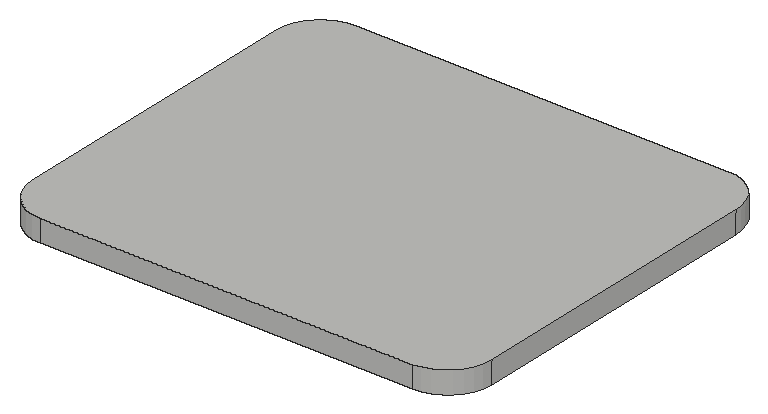
Revit family "Storage-Beam_Mounted-JNBSH_Suspended_Shelf-Teknion-R2015", category Furniture Systems, Revit 2015
Parameters (values of type "18" Depth")
  Width [instance] = 24.000"
  Warranty = "http://www.teknion.com/ca/papers/legal-canada"
  Unit Weight URL = "http://www.teknion.com/ca/tools/assets#&asset=bee6a381-b954-425e-8283-5a2de3a804f2,f828d448-4b62-4231-9e5f-9a8991c0ed77"
  URL = "www.teknion.com"
  Thickness = 1.000"  # constant formula
  Sustainability Data = "http://www.teknion.com/ca/tools/assets#&topic=216f99a5-57a0-44fc-b10a-9dee9b29ae4c&asset=444deb64-fe58-4b68-981e-f75e97781df7"
  Shelf Finish [instance] = Source Laminate - Teknion - RV - Very White
  Shared Leg Style [instance] = no
  Series = "Expansion CItyline"  # constant formula
  Product Page URL = "https://www.teknion.com/ca/products/product-details?productlineid=9ad2a26e-8e7a-673b-a6c8-ff05004460c4"
  Product Line = "Expansion Cityline"  # constant formula
  Product Documentation Link = "http://www.teknion.com/pricing/expansion-cityline/pdfs/JNBSH_ppg.pdf"
  Part Number = "JNBSH"  # constant formula
  Model = "JNBSH18_"  # constant formula
  Manufacturer Phone = "416-661-3370"  # constant formula
  Manufacturer Fax = "416.661.4586"  # constant formula
  Manufacturer Contact Information = "http://www.teknion.com/ca/contactus"
  Manufacturer Address = "1150 Flint Road, Toronto, ON. M3J 2J5. Canada"  # constant formula
  Manufacturer = "Teknion"  # constant formula
  Leg Style Note [instance] = "Can only by mounted on a Structural Leg - Fence. Select one leg style."  # constant formula
  Height = 11.000"  # constant formula
  Full Leg Style [instance] = not(or((Full Leg & Shared Leg Style), (Shared Leg Style)))  # yes
  Full Leg & Shared Leg Style [instance] = no
  Description = "Beam-Mounted Suspended Shelf, 18\"w"
  Depth = 18.000"  # constant formula
  Available Widths [instance] = "24, 30, 36, 42, 48, 54, 60, 66, 72, 78, and 84 inches. Width must match Width of Beam"  # constant formula
  Assembly Code = "E2020200"
  Actual Width [instance] = if(Full Leg Style, Width - 3.000", if(Full Leg & Shared Leg Style, Width - 2.250", Width - 1.500"))  # 21.000"
Reference planes (in)
  plane 1 "Center F/B": y = 0
  plane 2: z = 0
  plane 3 "Center L/R": x = 0
  plane 4 "Top": z = 11
  plane 5 "Left": x = -10.5
  plane 6 "Front": y = -9
  plane 7 "Back": y = 9
  plane 8 "Right": x = 10.5
  plane 9 "Bottom": z = 10
Forms (in)
  Extrusion 1, solid, material "Source Laminate - Teknion - RV - Very White" <- "Shelf Finish"
    sketch origin (0, 0, 10) x (-1, 0, 0) y (0, -1, 0)
      loop
        arc (8.5, -9) -> (9.91421, -8.41421) -> (10.5, -7) r 2
        line (10.5, -7) -> (10.5, 7)
        arc (10.5, 7) -> (9.91421, 8.41421) -> (8.5, 9) r 2
        line (8.5, 9) -> (-8.5, 9)
        arc (-8.5, 9) -> (-9.91421, 8.41421) -> (-10.5, 7) r 2
        line (-10.5, 7) -> (-10.5, -7)
        arc (-10.5, -7) -> (-9.91421, -8.41421) -> (-8.5, -9) r 2
        line (-8.5, -9) -> (8.5, -9)
    from 0 to 1 <- "Thickness"
Lines and regions (in)
  Masking region 1
    outline origin (0, 0, 10) x (-1, 0, 0) y (0, -1, 0)
      loop
        arc (8.5, -9) -> (9.91421, -8.41421) -> (10.5, -7) r 2
        line (10.5, -7) -> (10.5, 7)
        arc (10.5, 7) -> (9.91421, 8.41421) -> (8.5, 9) r 2
        line (8.5, 9) -> (-8.5, 9)
        arc (-8.5, 9) -> (-9.91421, 8.41421) -> (-10.5, 7) r 2
        line (-10.5, 7) -> (-10.5, -7)
        arc (-10.5, -7) -> (-9.91421, -8.41421) -> (-8.5, -9) r 2
        line (-8.5, -9) -> (8.5, -9)
  reference lines
    curve 1: line (-10.5, 9, 0) -> (10.5, 9, 0)
    curve 2: line (-10.5, -9, 0) -> (-10.5, 9, 0)
    curve 3: line (10.5, -9, 0) -> (-10.5, -9, 0)
    curve 4: line (10.5, 9, 0) -> (10.5, -9, 0)
Dimensions and locks (in)
  "Height": plane 4 "Top" to level
  "Depth": plane 7 "Back" to plane 6 "Front"
  "Actual Width": plane 5 "Left" to plane 8 "Right"
  equal spacing: plane 5 "Left", plane 3 "Center L/R", plane 8 "Right"
  equal spacing: plane 7 "Back", plane 1 "Center F/B", plane 6 "Front"
  "Thickness": plane 4 "Top" to plane 9 "Bottom"
  locked: Extrusion 1 sketch curve to Extrusion 1 sketch curve at 2.82843  (x4)
  aligned and locked: level to plane 2
  aligned and locked: curve 1 to plane 7 "Back"
  aligned and locked: curve 4 to plane 8 "Right"
  aligned and locked: curve 3 to plane 6 "Front"
  aligned and locked: curve 2 to plane 5 "Left"
  aligned and locked: Extrusion 1 sketch curve to plane 7 "Back"
  aligned and locked: Extrusion 1 sketch curve to plane 5 "Left"
  aligned and locked: plane 6 "Front" to Extrusion 1 sketch curve
  aligned and locked: plane 8 "Right" to Extrusion 1 sketch curve
  aligned and locked: plane 4 "Top" to Extrusion 1
  aligned and locked: Extrusion 1 to plane 9 "Bottom"
  aligned and locked: Masking region 1 sketch curve to Extrusion 1  (x4)
